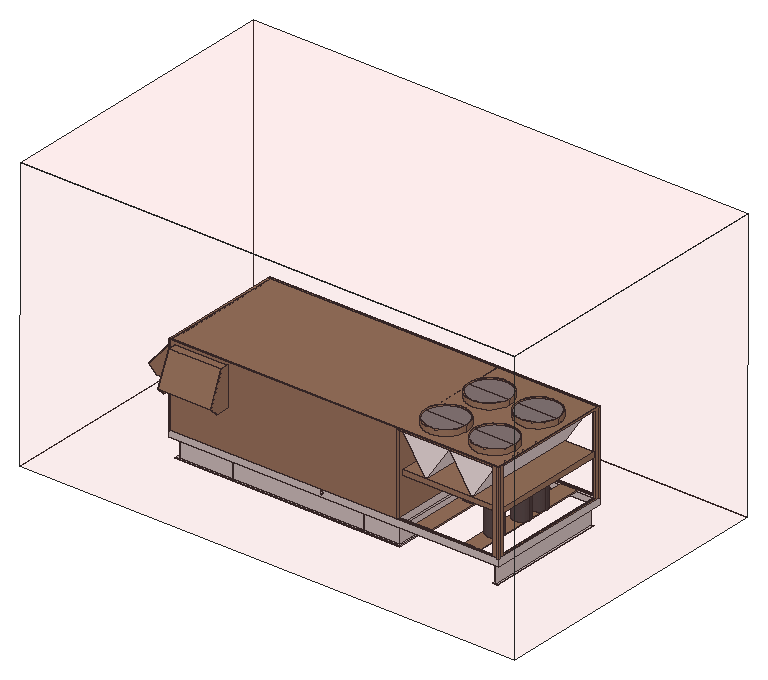
Revit family (continued)
Definition of nested family "Commercial_Comfort_Systems-Series_40-JCI-Exhaust_Standard"
  Dimensions and locks (in)
    aligned and locked: plane 7 "Bottom Inset" to Masking region 1 sketch curve
    aligned and locked: plane 4 "Front" to Masking region 1 sketch curve
    aligned and locked: plane 6 "Center F/B" to Masking region 1 sketch curve
    aligned and locked: plane 2 "Bottom" to Masking region 1 sketch curve
    aligned and locked: Masking region 2 sketch curve to plane 5 "Top"
    aligned and locked: plane 9 "Left" to Masking region 2 sketch curve
    aligned and locked: plane 2 "Bottom" to Masking region 2 sketch curve
    aligned and locked: plane 8 "Right" to Masking region 2 sketch curve
    aligned and locked: curve 1 to plane 7 "Bottom Inset"
    aligned and locked: plane 9 "Left" to curve 1
    aligned and locked: plane 8 "Right" to curve 1
    aligned and locked: Masking region 3 sketch curve to plane 4 "Front"
    aligned and locked: plane 8 "Right" to Masking region 3 sketch curve
    aligned and locked: plane 1 "Back" to Masking region 3 sketch curve
    aligned and locked: Masking region 3 sketch curve to plane 9 "Left"
    aligned and locked: plane 8 "Right" to curve 2
    aligned and locked: plane 9 "Left" to curve 2
    aligned and locked: plane 1 "Back" to Extrusion 1 sketch curve
    aligned and locked: Extrusion 1 to Extrusion 3 sketch curve
    aligned and locked: plane 1 "Back" to Extrusion 3 sketch curve
    aligned and locked: plane 5 "Top" to Extrusion 3 sketch curve
    aligned and locked: plane 5 "Top" to Extrusion 2 sketch curve
    aligned and locked: plane 1 "Back" to Masking region 1 sketch curve
    aligned and locked: plane 5 "Top" to Masking region 1 sketch curve
    aligned and locked: plane 6 "Center F/B" to curve 2
    aligned and locked: plane 4 "Front" to curve 4
    aligned and locked: plane 7 "Bottom Inset" to curve 8
    aligned and locked: plane 2 "Bottom" to curve 9
    aligned and locked: plane 4 "Front" to curve 9
    aligned and locked: plane 7 "Bottom Inset" to curve 10
    aligned and locked: plane 6 "Center F/B" to curve 7
    aligned and locked: plane 1 "Back" to curve 7
    aligned and locked: curve 5 to plane 2 "Bottom"
    aligned and locked: plane 2 "Bottom" to curve 3
    aligned and locked: plane 5 "Top" to curve 3
    aligned and locked: plane 1 "Back" to curve 6
    aligned and locked: curve 10 to curve 9
    aligned and locked: plane 2 "Bottom" to curve 6
    aligned and locked: plane 6 "Center F/B" to curve 5
    aligned and locked: plane 1 "Back" to curve 4
    aligned and locked: plane 5 "Top" to curve 8
    aligned and locked: plane 1 "Back" to curve 5
    aligned and locked: plane 5 "Top" to curve 6
    aligned and locked: plane 8 "Right" to curve 11
    aligned and locked: plane 8 "Right" to curve 13
    aligned and locked: plane 8 "Right" to curve 12
    aligned and locked: plane 9 "Left" to curve 11
    aligned and locked: plane 9 "Left" to curve 12
    aligned and locked: plane 9 "Left" to curve 13
    aligned and locked: curve 11 to plane 5 "Top"
    aligned and locked: curve 13 to plane 7 "Bottom Inset"
    aligned and locked: curve 12 to plane 2 "Bottom"
  Automatic sketch dimensions
    Extrusion 3 sketch curve to plane 12 "Top Inset" = 0"
Definition of nested family "Commercial_Comfort_Systems-Series_40-JCI-Condenser_Fan_1"
  Parameters (values of type "Fan")
    Radius 2 = Radius - 1/4"  # 11 3/4"
    Radius = if(1 = 1, Diameter / 2, 1")  # 12"
    Height = 4"  # constant formula
    Frame Material = Paint - JCI - Powder Coated - Champagne
    Fan Blade Material = Metal - JCI - Steel - Coated Black
    Diameter = 24"
    Assembly Code = ""
    30 inch fan = Diameter = 30"  # no
  Reference planes (in)
    plane 1 "Center (Front/Back)": y = 0
    plane 2 "Bottom": z = 0
    plane 3 "Center (Left/Right)": x = 0
    plane 4 "Back": y = 12
    plane 5 "Front": y = -12
    plane 6 "Left": x = -12
    plane 7 "Right": x = 12
    plane 8 "Top": z = 4
    plane 9 "Right Inset": x = 11.75
    plane 10 "Top Inset": z = 3.5
  Forms (in)
    Revolve 1, solid, material "Metal - JCI - Steel - Coated Black" <- "Fan Blade Material", detail levels fine
      sketch origin (0, 0, 0) x (1, 0, 0) y (0, 0, 1)
        loop
          line (0, 3.5) -> (0, 0) -> (11.75, 0) -> (11.75, 3.5) -> (0, 3.5)
        axis (0, 3.5) -> (0, 0)
      angle from 0 to 360
    Revolve 2, solid, material "Paint - JCI - Powder Coated - Champagne" <- "Frame Material", detail levels fine
      sketch origin (0, 0, 0) x (1, 0, 0) y (0, 0, 1)
        loop
          line (11.75, 0) -> (12, 0) -> (12, 4) -> (11.75, 4) -> (11.75, 0)
        axis (0, 4) -> (0, 0)
      angle from 0 to 360
    Revolve 3, solid, material "Paint - JCI - Powder Coated - Champagne" <- "Frame Material", detail levels medium
      sketch origin (0, 0, 0) x (1, 0, 0) y (0, 0, 1)
        loop
          line (0, 4) -> (0, 0) -> (12, 0) -> (12, 4) -> (0, 4)
        axis (0, 4) -> (0, 0)
      angle from 0 to 360
  Lines and regions (in)
    Masking region 1
      outline origin (0, 0, 0) x (1, 0, 0) y (0, 1, 0)
        loop
          circle (0, 0) r 12
    Masking region 2
      outline origin (0, 0, 0) x (1, 0, 0) y (0, 0, 1)
        loop
          line (-12, 4) -> (-12, 0) -> (12, 0) -> (12, 4) -> (-12, 4)
    Masking region 3
      outline origin (0, 0, 0) x (0, 1, 0) y (0, 0, 1)
        loop
          line (-12, 4) -> (-12, 0) -> (12, 0) -> (12, 4) -> (-12, 4)
    model lines, style "Fan Fine", detail levels coarse
      curve 1: circle (0, 0, 0) r 12 normal (0, 0, 1)
      curve 2: circle (0, 0, 4) r 12 normal (0, 0, 1)
      curve 3: line (12, 0, 4) -> (12, 0, 0)
      curve 4: line (-12, 0, 4) -> (-12, 0, 0)
      curve 5: line (0, 12, 4) -> (0, 12, 0)
      curve 6: line (0, -12, 4) -> (0, -12, 0)
    symbolic lines, style "Fan Fine", detail levels fine
      curve 7: circle (0, 0, 0) r 11.75 normal (0, 0, 1)
  Dimensions and locks (in)
    equal spacing: plane 5 "Front", plane 1 "Center (Front/Back)", plane 4 "Back"
    "Diameter": plane 5 "Front" to plane 4 "Back"
    equal spacing: plane 6 "Left", plane 3 "Center (Left/Right)", plane 7 "Right"
    "Diameter": plane 6 "Left" to plane 7 "Right"
    "Height": plane 8 "Top" to plane 2 "Bottom"
    locked: plane 9 "Right Inset" to plane 7 "Right" at 0.25
    locked: plane 8 "Top" to plane 10 "Top Inset" at 0.5
    "Radius": plane 3 "Center (Left/Right)" to curve 1
    "Radius": curve 1 to plane 1 "Center (Front/Back)"
    "Radius": curve 2 to plane 1 "Center (Front/Back)"
    "Radius": plane 3 "Center (Left/Right)" to curve 2
    "Radius": plane 3 "Center (Left/Right)" to Masking region 1 sketch curve
    "Radius": plane 1 "Center (Front/Back)" to Masking region 1 sketch curve
    "Radius 2": plane 3 "Center (Left/Right)" to curve 7
    "Radius 2": plane 1 "Center (Front/Back)" to curve 7
    "Radius": radius of curve 1
    "Radius": radius of curve 2
    "Radius": radius of Masking region 1 sketch curve
    "Radius 2": radius of curve 7
    aligned and locked: Revolve 1 sketch curve to plane 3 "Center (Left/Right)"
    aligned and locked: Revolve 1 sketch curve to Revolve 1 sketch curve
    aligned and locked: plane 2 "Bottom" to Revolve 1 sketch curve
    aligned and locked: Revolve 2 sketch curve to plane 3 "Center (Left/Right)"
    aligned and locked: Revolve 2 sketch curve to plane 8 "Top"
    aligned and locked: plane 2 "Bottom" to Revolve 2 sketch curve
    aligned and locked: plane 7 "Right" to Revolve 2 sketch curve
    aligned and locked: Revolve 2 sketch curve to plane 9 "Right Inset"
    aligned and locked: plane 9 "Right Inset" to Revolve 1 sketch curve
    aligned and locked: Revolve 1 sketch curve to plane 10 "Top Inset"
    aligned and locked: Revolve 3 sketch curve to plane 3 "Center (Left/Right)"
    aligned and locked: Revolve 3 sketch curve to Revolve 3 sketch curve
    aligned and locked: plane 2 "Bottom" to Revolve 3 sketch curve
    aligned and locked: plane 7 "Right" to Revolve 3 sketch curve
    aligned and locked: Revolve 3 sketch curve to plane 8 "Top"
    aligned and locked: plane 2 "Bottom" to curve 3
    aligned and locked: plane 2 "Bottom" to curve 4
    aligned and locked: plane 8 "Top" to curve 3
    aligned and locked: plane 8 "Top" to curve 4
    aligned and locked: plane 7 "Right" to curve 3
    aligned and locked: curve 4 to plane 6 "Left"
    aligned and locked: plane 2 "Bottom" to curve 5
    aligned and locked: plane 8 "Top" to curve 5
    aligned and locked: plane 2 "Bottom" to curve 6
    aligned and locked: plane 8 "Top" to curve 6
    aligned and locked: curve 5 to plane 4 "Back"
    aligned and locked: plane 5 "Front" to curve 6
    aligned and locked: Masking region 2 sketch curve to plane 8 "Top"
    aligned and locked: plane 2 "Bottom" to Masking region 2 sketch curve
    aligned and locked: plane 7 "Right" to Masking region 2 sketch curve
    aligned and locked: plane 6 "Left" to Masking region 2 sketch curve
    aligned and locked: Masking region 3 sketch curve to plane 8 "Top"
    aligned and locked: Masking region 3 sketch curve to plane 4 "Back"
    aligned and locked: plane 2 "Bottom" to Masking region 3 sketch curve
    aligned and locked: Masking region 3 sketch curve to plane 5 "Front"
  Automatic sketch dimensions
    Revolve 1 sketch curve to level = 24"
    Revolve 1 sketch curve to Revolve 1 sketch curve = 87.70035"
    Revolve 2 sketch curve to level = 24"
    plane 8 "Top" to Revolve 2 sketch curve = 87.20035"
    Revolve 3 sketch curve to level = 24"
    Revolve 3 sketch curve to Revolve 3 sketch curve = 87.20035"
Definition of nested family "Commercial_Comfort_Systems-Series_40-JCI-Screen_Door_Detail"
  Parameters (values of type "Screen")
    Width = 32"
    Depth = 34"
    Assembly Code = ""
  Reference planes (in)
    plane 1 "Center (Front/Back)": y = 0
    plane 2: z = 0
    plane 3 "Center (Left/Right)": x = 0
    plane 4 "Left": x = -16
    plane 5 "Back": y = 17
    plane 6 "Right": x = 16
    plane 7 "Front": y = -17
  Lines and regions (in)
    Filled region 1, type "Concrete Block", in view "Ref. Level"
      outline origin (0, 0, 0) x (1, 0, 0) y (0, 1, 0)
        loop
          line (-16, 17) -> (-16, -17) -> (16, -17) -> (16, 17) -> (-16, 17)
  Dimensions and locks (in)
    equal spacing: plane 7 "Front", plane 1 "Center (Front/Back)", plane 5 "Back"
    "Depth": plane 7 "Front" to plane 5 "Back"
    equal spacing: plane 4 "Left", plane 3 "Center (Left/Right)", plane 6 "Right"
    "Width": plane 4 "Left" to plane 6 "Right"
    aligned and locked: Filled region 1 sketch curve to plane 4 "Left"
    aligned and locked: Filled region 1 sketch curve to plane 5 "Back"
    aligned and locked: Filled region 1 sketch curve to plane 6 "Right"
    aligned and locked: Filled region 1 sketch curve to plane 7 "Front"
